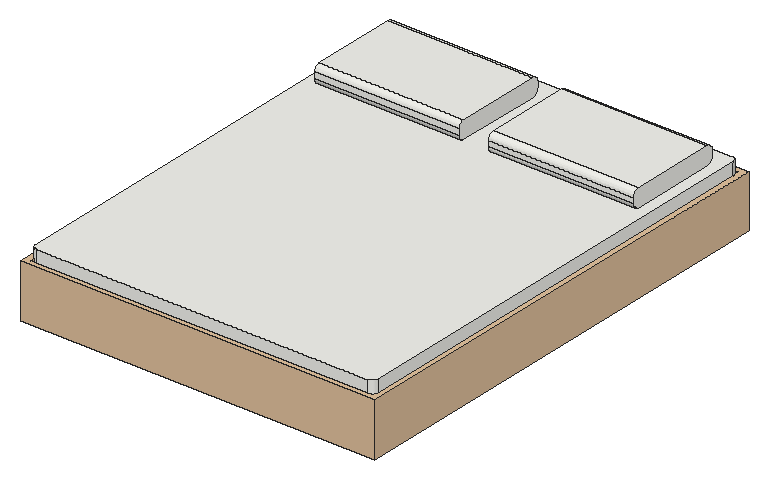
Revit family
Parameters (values of type "Queen 60" x 79"")
  Assembly Code = "E2020200"
  Frame Material = Wood - Birch
  Length = 6' - 7"
  Mattress Material = Textile - White
  Width = 5' - 0"
Types (4): name | Length | Width
  (no name) | 6' - 7" | 5' - 0"
  Double 53" x 74" | 6' - 2" | 4' - 5"
  Queen 60" x 79" | 6' - 7" | 5' - 0"
  Twin 38" x 74" | 6' - 2" | 3' - 2"
Reference planes (in)
  plane 1 "Center (Front/Back)": y = -9.22951
  plane 2: z = 0
  plane 3 "Center (Left/Right)": x = 13.35246
  plane 4: y = 30.27049
  plane 5: y = -48.72951
  plane 6: x = -16.64754
  plane 7: x = 43.35246
  plane 8: z = 7
  plane 9: y = 26.27049
  plane 10: y = 9.77049
Forms (in)
  Sweep 1, solid, material "Wood - Birch" <- "Frame Material"
    path origin (0, -48.72951, 0) x (1, 0, 0) y (0, 0, 1)
      loop
        line (-15.64754, 7) -> (-13.64754, 7) -> (-10.65262, 0.57738)
        arc (-10.65262, 0.57738) -> (-10.28362, 0.15661) -> (-9.74632, 0) r 1
        line (-9.74632, 0) -> (-6.65134, 0)
        arc (-6.65134, 0) -> (-6.39252, 0.03407) -> (-6.15134, 0.13397) r 1
        line (-6.15134, 0.13397) -> (-3.78531, 1.5) -> (30.49023, 1.5) -> (32.85625, 0.13397)
        arc (32.85625, 0.13397) -> (33.09744, 0.03407) -> (33.35625, 0) r 1
        line (33.35625, 0) -> (36.45124, 0)
        arc (36.45124, 0) -> (36.98853, 0.15661) -> (37.35754, 0.57738) r 1
        line (37.35754, 0.57738) -> (40.35246, 7) -> (42.35246, 7)
    profile origin (-14.64754, -48.72951, 0) x (0, 0, 1) y (0, -1, 0)
      loop
        line (7.75, -9) -> (7, -9) -> (7, -12) -> (7.75, -12) -> (7.75, -9)
  Extrusion 2, solid, material "Textile - White" <- "Mattress Material"
    sketch origin (0, 0, 16) x (1, 0, 0) y (0, 1, 0)
      loop
        line (41.35246, 29.27049) -> (-14.64754, 29.27049)
        arc (-14.64754, 29.27049) -> (-15.35465, 28.9776) -> (-15.64754, 28.27049) r 1
        line (-15.64754, 28.27049) -> (-15.64754, -46.72951)
        arc (-15.64754, -46.72951) -> (-15.35465, -47.43661) -> (-14.64754, -47.72951) r 1
        line (-14.64754, -47.72951) -> (41.35246, -47.72951)
        arc (41.35246, -47.72951) -> (42.05957, -47.43661) -> (42.35246, -46.72951) r 1
        line (42.35246, -46.72951) -> (42.35246, 28.27049)
        arc (42.35246, 28.27049) -> (42.05957, 28.9776) -> (41.35246, 29.27049) r 1
    from 0 to -8
  Sweep 3, solid, material "Wood - Birch" <- "Frame Material"
    path origin (0, 30.27049, 0) x (1, 0, 0) y (0, 0, 1)
      loop
        line (-15.63477, 7) -> (-13.63477, 7) -> (-10.63985, 0.57738)
        arc (-10.63985, 0.57738) -> (-10.27085, 0.15661) -> (-9.73355, 0) r 1
        line (-9.73355, 0) -> (-6.63857, 0)
        arc (-6.63857, 0) -> (-6.37975, 0.03407) -> (-6.13857, 0.13397) r 1
        line (-6.13857, 0.13397) -> (-3.77254, 1.5) -> (30.49023, 1.5) -> (32.85625, 0.13397)
        arc (32.85625, 0.13397) -> (33.09744, 0.03407) -> (33.35625, 0) r 1
        line (33.35625, 0) -> (36.45124, 0)
        arc (36.45124, 0) -> (36.98853, 0.15661) -> (37.35754, 0.57738) r 1
        line (37.35754, 0.57738) -> (40.35246, 7) -> (42.35246, 7)
    profile origin (-14.63477, 30.27049, 0) x (0, 0, 1) y (0, -1, 0)
      loop
        line (7, 13) -> (7, 10) -> (7.75, 10) -> (7.75, 13) -> (7, 13)
  Extrusion 4, solid, material "Wood - Birch" <- "Frame Material"
    sketch origin (0, 0, 0) x (1, 0, 0) y (0, 1, 0)
      loop
        line (-16.64754, 30.27049) -> (-16.64754, -48.72951) -> (43.35246, -48.72951) -> (43.35246, 30.27049) -> (-16.64754, 30.27049)
      loop
        line (-15.64754, 29.27049) -> (-15.64754, -47.72951) -> (42.35246, -47.72951) -> (42.35246, 29.27049) -> (-15.64754, 29.27049)
    from 5 to 14
  Sweep 5, solid, material "Textile - White" <- "Mattress Material"
    path origin (0, 0, 0) x (1, 0, 0) y (0, 1, 0)
      loop
        line (-13.64754, 26.27049) -> (10.85246, 26.27049)
    profile origin (-1.39754, 0, 0) x (0, 1, 0) y (0, 0, 1)
      loop
        line (10.77049, 16) -> (25.27049, 16)
        arc (25.27049, 16) -> (25.9776, 16.29289) -> (26.27049, 17) r 1
        line (26.27049, 17) -> (26.27049, 18)
        arc (26.27049, 18) -> (25.9776, 18.70711) -> (25.27049, 19) r 1
        line (25.27049, 19) -> (10.77049, 19)
        arc (10.77049, 19) -> (10.06339, 18.70711) -> (9.77049, 18) r 1
        line (9.77049, 18) -> (9.77049, 17)
        arc (9.77049, 17) -> (10.06339, 16.29289) -> (10.77049, 16) r 1
  Sweep 6, solid, material "Textile - White" <- "Mattress Material"
    path origin (29.5, 0, 0) x (1, 0, 0) y (0, 1, 0)
      loop
        line (-13.64754, 26.27049) -> (10.85246, 26.27049)
    profile origin (28.10246, 0, 0) x (0, 1, 0) y (0, 0, 1)
      loop
        line (10.77049, 16) -> (25.27049, 16)
        arc (25.27049, 16) -> (25.9776, 16.29289) -> (26.27049, 17) r 1
        line (26.27049, 17) -> (26.27049, 18)
        arc (26.27049, 18) -> (25.9776, 18.70711) -> (25.27049, 19) r 1
        line (25.27049, 19) -> (10.77049, 19)
        arc (10.77049, 19) -> (10.06339, 18.70711) -> (9.77049, 18) r 1
        line (9.77049, 18) -> (9.77049, 17)
        arc (9.77049, 17) -> (10.06339, 16.29289) -> (10.77049, 16) r 1
Lines and regions (in)
  Masking region 1
    outline origin (0, 0, 0) x (1, 0, 0) y (0, 1, 0)
      loop
        line (-16.64754, 30.27049) -> (-16.64754, -48.72951) -> (43.35246, -48.72951) -> (43.35246, 30.27049) -> (-16.64754, 30.27049)
  symbolic lines
    curve 1: line (-15.64754, 29.27049, 0) -> (42.35246, 29.27049, 0)
    curve 2: line (-15.64754, 29.27049, 0) -> (-15.64754, -47.72951, 0)
    curve 3: line (-15.64754, -47.72951, 0) -> (42.35246, -47.72951, 0)
    curve 4: line (42.35246, 29.27049, 0) -> (42.35246, -47.72951, 0)
    curve 5: line (-13.64754, 26.27049, 0) -> (10.85246, 26.27049, 0)
    curve 6: line (-13.64754, 26.27049, 0) -> (-13.64754, 9.77049, 0)
    curve 7: line (-13.64754, 9.77049, 0) -> (10.85246, 9.77049, 0)
    curve 8: line (10.85246, 26.27049, 0) -> (10.85246, 9.77049, 0)
    curve 9: line (15.85246, 26.27049, 0) -> (40.35246, 26.27049, 0)
    curve 10: line (15.85246, 26.27049, 0) -> (15.85246, 9.77049, 0)
    curve 11: line (15.85246, 9.77049, 0) -> (40.35246, 9.77049, 0)
    curve 12: line (40.35246, 26.27049, 0) -> (40.35246, 9.77049, 0)
    curve 13: line (42.35246, 9.77049, 0) -> (-15.64754, 0.77782, 0)
Dimensions and locks (in)
  equal spacing: plane 6, plane 3 "Center (Left/Right)", plane 7
  equal spacing: plane 5, plane 1 "Center (Front/Back)", plane 4
  "Length": plane 5 to plane 4
  "Width": plane 6 to plane 7
  locked: plane 6 to Sweep 1 sketch curve at 3
  locked: Sweep 1 sketch curve to Sweep 1 sketch curve at 3.09498  (x2)
  locked: Sweep 1 sketch curve to plane 7 at 3
  plane 10 to plane 9 to plane 4 = 1' - 4 1/2", 0' - 4" locked
  aligned and locked: Extrusion 2 sketch curve to Extrusion 4  (x4)
  aligned and locked: curve 10 to Sweep 6 sketch curve
  aligned and locked: curve 12 to Sweep 6 sketch curve
  aligned and locked: curve 5 to Sweep 6 sketch curve
  aligned and locked: Masking region 1 sketch curve to plane 6
  aligned and locked: plane 4 to Masking region 1 sketch curve
  aligned and locked: plane 7 to Masking region 1 sketch curve
  aligned and locked: Masking region 1 sketch curve to plane 5
Automatic sketch dimensions
  Sweep 1 sketch curve to profile plane = 0' - 0"
  Sweep 1 sketch curve to profile plane = 0' - 0 3/4"
  Sweep 1 sketch curve to plane 5 = 1' - 0"
  Sweep 1 sketch curve to Sweep 1 sketch curve = 0' - 3"
  Sweep 3 sketch curve to profile plane = 0' - 0"
  Sweep 3 sketch curve to profile plane = 0' - 0 3/4"
  plane 4 to Sweep 3 sketch curve = 0' - 10"
  Sweep 3 sketch curve to Sweep 3 sketch curve = 0' - 3"
  Extrusion 4 sketch curve to plane 4 = 0' - 0"
  Extrusion 4 sketch curve to plane 6 = 0' - 0"
  Extrusion 4 sketch curve to plane 5 = 0' - 0"
  Extrusion 4 sketch curve to plane 7 = 0' - 0"
  Extrusion 4 sketch curve to plane 6 = 0' - 1"
  plane 7 to Extrusion 4 sketch curve = 0' - 1"
  Extrusion 4 sketch curve to plane 5 = 0' - 1"
  plane 4 to Extrusion 4 sketch curve = 0' - 1"
  Extrusion 2 sketch curve to Extrusion 2 sketch curve = 0' - 1"  (x3)
  plane 4 to Extrusion 2 sketch curve = 0' - 2"
  Sweep 1 sketch curve to level = 0' - 0"  (x2)
  Sweep 1 sketch curve to plane 6 = 0' - 1"
  level to Sweep 1 sketch curve = 0' - 0.57738"  (x2)
  Sweep 1 sketch curve to Sweep 1 sketch curve = 0' - 2.99492"
  Sweep 1 sketch curve to Sweep 1 sketch curve = 0' - 0.90631"  (x2)
  level to Sweep 1 sketch curve = 0' - 0.13397"  (x2)
  Sweep 1 sketch curve to Sweep 1 sketch curve = 0' - 0 1/2"  (x2)
  level to Sweep 1 sketch curve = 0' - 1 1/2"
  Sweep 1 sketch curve to Sweep 1 sketch curve = 0' - 2.36603"  (x2)
  Sweep 1 sketch curve to Sweep 1 sketch curve = 0' - 9.86223"
  plane 7 to Sweep 1 sketch curve = 0' - 1"
  level to Sweep 1 sketch curve = 0' - 7"  (x2)
  Sweep 3 sketch curve to level = 0' - 0"  (x2)
  Sweep 3 sketch curve to plane 6 = 0' - 1.01277"
  Sweep 3 sketch curve to Sweep 3 sketch curve = 0' - 2"
  level to Sweep 3 sketch curve = 0' - 0.57738"  (x2)
  Sweep 3 sketch curve to plane 6 = 0' - 6.00769"
  level to Sweep 3 sketch curve = 0' - 1"  (x2)
  Sweep 3 sketch curve to Sweep 3 sketch curve = 0' - 3.09498"  (x2)
  level to Sweep 3 sketch curve = 0' - 0.13397"  (x2)
  Sweep 3 sketch curve to Sweep 3 sketch curve = 0' - 0 1/2"  (x2)
  level to Sweep 3 sketch curve = 0' - 1 1/2"  (x2)
  Sweep 3 sketch curve to Sweep 3 sketch curve = 0' - 2.36603"  (x2)
  plane 7 to Sweep 3 sketch curve = 1' - 0.86223"
  Sweep 3 sketch curve to Sweep 3 sketch curve = 0' - 0"
  plane 7 to Sweep 3 sketch curve = 0' - 3"
  plane 7 to Sweep 3 sketch curve = 0' - 1"
  level to Sweep 3 sketch curve = 0' - 7"  (x2)
  curve 6 to plane 6 = 0' - 3"
  curve 5 to plane 3 "Center (Left/Right)" = 0' - 2 1/2"
  plane 3 "Center (Left/Right)" to curve 9 = 0' - 2 1/2"
  plane 7 to curve 9 = 0' - 3"
  plane 7 to curve 13 = 0' - 1"
  curve 4 to plane 5 = 0' - 1"
  curve 13 to plane 1 "Center (Front/Back)" = 0' - 10.00732"
  curve 13 to curve 7 = 0' - 8.99268"
  curve 11 to curve 7 = 0' - 0"
  curve 13 to curve 11 = 0' - 0"
  plane 4 to curve 6 = 0' - 4"
  plane 4 to curve 10 = 0' - 4"
  plane 4 to curve 4 = 0' - 1"
  Sweep 5 sketch curve to plane 9 = 0' - 0"
  Sweep 5 sketch curve to plane 6 = 0' - 3"
  Sweep 5 sketch curve to plane 3 "Center (Left/Right)" = 0' - 2 1/2"
  Sweep 5 sketch curve to profile plane = 0' - 0"
  profile plane to Sweep 5 sketch curve = 0' - 1"  (x2)
  Sweep 5 sketch curve to Sweep 5 sketch curve = 1' - 2 1/2"
  Sweep 5 sketch curve to Sweep 5 sketch curve = 0' - 0"
  Sweep 5 sketch curve to Sweep 5 sketch curve = 0' - 1"  (x2)
  level to Sweep 5 sketch curve = 1' - 4"
  Sweep 6 sketch curve to profile plane = 0' - 0"
  profile plane to Sweep 6 sketch curve = 0' - 1"  (x2)
  Sweep 6 sketch curve to Sweep 6 sketch curve = 1' - 2 1/2"
  Sweep 6 sketch curve to Sweep 6 sketch curve = 0' - 0"
  Sweep 6 sketch curve to Sweep 6 sketch curve = 0' - 1"  (x2)
  curve 13 to plane 6 = 0' - 1"
